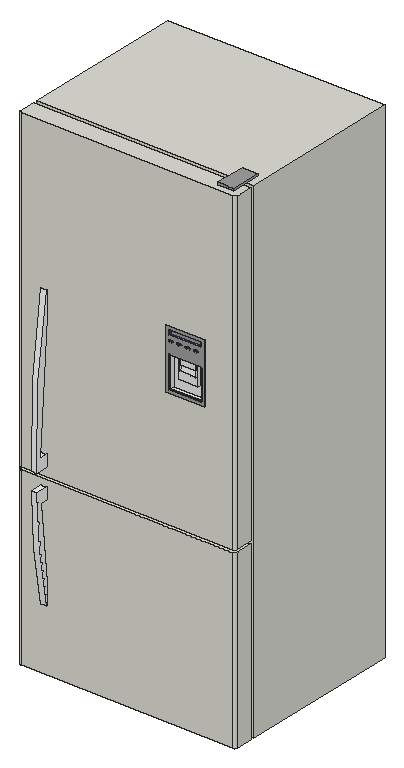
Revit family "F&P fridge 790W X 690D X 1700H", category Specialty Equipment, Revit 2012
Parameters (values of type "F & P French Door Refrigerator")
  Width O/A [instance] = 790.00 mm
  URL = "www.revitrendering.com"
  Model = "French Door Refrigerator"
  Manufacturer = "Fisher & Paykel"
  Height O/A [instance] = 1830.00 mm
  Description = ""
  Material = Metal - Paint Finish - Ivory, Matte
  Depth O/A [instance] = 680.00 mm
  Assembly Code = ""
Reference planes
  plane 1 "Center (Front/Back)": y = -33.785
  plane 2: z = 0
  plane 3 "Center (Left/Right)": x = -53.801
  plane 4: x = -448.801
  plane 5: x = 341.199
  plane 6: y = 306.215
  plane 7: y = -373.785
  plane 8: z = 1830
  plane 9 "handle": z = 1087.803
Forms (mm)
  Extrusion 1, solid, material "Metal - Paint Finish - Ivory, Matte" <- "Material"
    sketch origin (0, -373.785, 0) x (1, 0, 0) y (0, 0, 1)
      loop
        line (-448.801, 1830) -> (-448.801, 26.567) -> (341.199, 26.567) -> (341.199, 1830) -> (-448.801, 1830)
      loop
        line (-423.401, 1626.8) -> (-423.401, 431.8) -> (315.799, 431.8) -> (315.799, 1626.8) -> (-423.401, 1626.8)
    from -82.55 to -680
  Extrusion 2, solid, material "Metal - Paint Finish - Ivory, Matte"
    sketch origin (0, 306.215, 0) x (1, 0, 0) y (0, 0, 1)
      loop
        line (-423.401, 1804.6) -> (-423.401, 152.4) -> (315.799, 152.4) -> (315.799, 1804.6) -> (-423.401, 1804.6)
    from 0 to 25.4
  Extrusion 3, solid, material "Metal - Paint Finish - Ivory, Matte" <- "Material"
    sketch origin (0, -373.785, 0) x (1, 0, 0) y (0, 0, 1)
      loop
        line (-448.801, 664.9) -> (-448.801, 26.567) -> (341.199, 26.567) -> (341.199, 664.9) -> (-448.801, 664.9)
      loop
        line (-448.801, 1830) -> (-448.801, 674.816) -> (341.199, 674.816) -> (341.199, 1830) -> (-448.801, 1830)
    from -69.85 to 0
  Extrusion 4, solid, material "Metal - Chrome"
    sketch origin (0, 0, 0) x (1, 0, 0) y (0, 1, 0)
      loop
        circle (-366.251, 230.015) r 25.4
      loop
        circle (258.649, 230.015) r 25.4
      loop
        circle (-366.251, -246.785) r 25.4
      loop
        circle (258.649, -246.785) r 25.4
    from 0 to 50.8
  Extrusion 5, solid, material "Metal - Chrome"
    sketch origin (-350.376, 0, 37.601) x (0, 0, -1) y (0, -1, 0)
      loop
        line (-602.399, 373.785) -> (-559.899, 373.785) -> (-559.899, 402.84)
        arc (-559.899, 402.84) -> (-425.001, 393.278) -> (-291.176, 373.785) r 1830.851
        line (-291.176, 373.785) -> (-216.262, 373.785)
        arc (-216.262, 373.785) -> (-408.142, 406.479) -> (-602.399, 418.785) r 1845.851
        line (-602.399, 418.785) -> (-602.399, 373.785)
    from -4.125 to 15.875
  Extrusion 6, solid, material "Metal - Chrome"
    sketch origin (-372.171, 0, 682.601) x (0, 0, -1) y (0, 1, 0)
      loop
        line (-22.399, -418.785) -> (-22.399, -373.785) -> (-64.899, -373.785) -> (-64.899, -404.97)
        arc (-64.899, -404.97) -> (-291.136, -399.396) -> (-515.987, -373.785) r 2549.741
        line (-515.987, -373.785) -> (-602.399, -373.785)
        arc (-602.399, -373.785) -> (-313.679, -412.783) -> (-22.399, -418.785) r 2564.741
    from 5.919 to 25.919
  Extrusion 7, void
    sketch origin (0, -373.785, 0) x (-1, 0, 0) y (0, 0, 1)
      loop
        line (-102.326, 1313.12) -> (-218.859, 1313.12) -> (-218.859, 1116.608) -> (-102.326, 1116.608) -> (-102.326, 1313.12)
    from 0 to 75
  Extrusion 8, solid, material "ice panel"
    sketch origin (0, -373.785, 60) x (1, 0, 0) y (0, 0, 1)
      loop
        line (91.177, 1264.584) -> (91.177, 1045.716) -> (231.177, 1045.716) -> (231.177, 1264.584) -> (91.177, 1264.584)
    from -140.058 to 3.185
  Extrusion 9, void
    sketch origin (0, -376.97, 60) x (-1, 0, 0) y (0, 0, 1)
      loop
        line (-100.712, 1056.608) -> (-100.712, 1174.847) -> (-220.712, 1174.847) -> (-220.712, 1056.608) -> (-100.712, 1056.608)
    from -68.505 to 108.694
  Blend 10, void
    base sketch origin (0, -376.97, 60) x (-1, 0, 0) y (0, 0, 1)
      loop
        line (-100.712, 1234.847) -> (-100.712, 1254.847) -> (-220.712, 1254.847) -> (-220.712, 1234.847) -> (-100.712, 1234.847)
    top sketch origin (0, -376.97, 60) x (-1, 0, 0) y (0, 0, 1)
      loop
        line (-102.326, 1253.12) -> (-218.859, 1253.12) -> (-218.859, 1236.323) -> (-102.326, 1236.323) -> (-102.326, 1253.12)
    from 0 to 10
  Extrusion 11, void
    sketch origin (0, -376.97, 60) x (-1, 0, 0) y (0, 0, 1)
      loop
        spline (-101.277, 1218.525) -> (-101.624, 1219.444) -> (-102.644, 1220.299) -> (-104.265, 1221.034) -> (-106.377, 1221.598) -> (-108.838, 1221.953) -> (-111.478, 1222.074) -> (-114.118, 1221.953) -> (-116.579, 1221.598) -> (-118.692, 1221.034) -> (-120.313, 1220.299) -> (-121.332, 1219.444) -> (-121.68, 1218.525)
        spline (-121.68, 1218.525) -> (-121.332, 1217.607) -> (-120.313, 1216.751) -> (-118.692, 1216.016) -> (-116.579, 1215.452) -> (-114.118, 1215.098) -> (-111.478, 1214.977) -> (-108.838, 1215.098) -> (-106.377, 1215.452) -> (-104.265, 1216.016) -> (-102.644, 1216.751) -> (-101.624, 1217.607) -> (-101.277, 1218.525)
      loop
        spline (-131.277, 1218.525) -> (-131.624, 1219.444) -> (-132.644, 1220.299) -> (-134.265, 1221.034) -> (-136.377, 1221.598) -> (-138.838, 1221.953) -> (-141.478, 1222.074) -> (-144.118, 1221.953) -> (-146.579, 1221.598) -> (-148.692, 1221.034) -> (-150.313, 1220.299) -> (-151.332, 1219.444) -> (-151.68, 1218.525)
        spline (-151.68, 1218.525) -> (-151.332, 1217.607) -> (-150.313, 1216.751) -> (-148.692, 1216.016) -> (-146.579, 1215.452) -> (-144.118, 1215.098) -> (-141.478, 1214.977) -> (-138.838, 1215.098) -> (-136.377, 1215.452) -> (-134.265, 1216.016) -> (-132.644, 1216.751) -> (-131.624, 1217.607) -> (-131.277, 1218.525)
      loop
        spline (-161.277, 1218.525) -> (-161.624, 1219.444) -> (-162.644, 1220.299) -> (-164.265, 1221.034) -> (-166.377, 1221.598) -> (-168.838, 1221.953) -> (-171.478, 1222.074) -> (-174.118, 1221.953) -> (-176.579, 1221.598) -> (-178.692, 1221.034) -> (-180.313, 1220.299) -> (-181.332, 1219.444) -> (-181.68, 1218.525)
        spline (-181.68, 1218.525) -> (-181.332, 1217.607) -> (-180.313, 1216.751) -> (-178.692, 1216.016) -> (-176.579, 1215.452) -> (-174.118, 1215.098) -> (-171.478, 1214.977) -> (-168.838, 1215.098) -> (-166.377, 1215.452) -> (-164.265, 1216.016) -> (-162.644, 1216.751) -> (-161.624, 1217.607) -> (-161.277, 1218.525)
      loop
        spline (-191.277, 1218.525) -> (-191.624, 1219.444) -> (-192.644, 1220.299) -> (-194.265, 1221.034) -> (-196.377, 1221.598) -> (-198.838, 1221.953) -> (-201.478, 1222.074) -> (-204.118, 1221.953) -> (-206.579, 1221.598) -> (-208.692, 1221.034) -> (-210.313, 1220.299) -> (-211.332, 1219.444) -> (-211.68, 1218.525)
        spline (-211.68, 1218.525) -> (-211.332, 1217.607) -> (-210.313, 1216.751) -> (-208.692, 1216.016) -> (-206.579, 1215.452) -> (-204.118, 1215.098) -> (-201.478, 1214.977) -> (-198.838, 1215.098) -> (-196.377, 1215.452) -> (-194.265, 1216.016) -> (-192.644, 1216.751) -> (-191.624, 1217.607) -> (-191.277, 1218.525)
    from 0 to 5.55
  Extrusion 12, solid, material "led buttons blue"
    sketch origin (0, -376.97, 60) x (1, 0, 0) y (0, 0, 1)
      loop
        spline (101.468, 1218.511) -> (101.761, 1217.755) -> (102.711, 1216.961) -> (104.293, 1216.245) -> (106.385, 1215.687) -> (108.835, 1215.335) -> (111.468, 1215.213) -> (114.101, 1215.335) -> (116.552, 1215.687) -> (118.644, 1216.245) -> (120.225, 1216.961) -> (121.176, 1217.755) -> (121.468, 1218.511)
        spline (121.468, 1218.511) -> (121.176, 1219.268) -> (120.225, 1220.062) -> (118.644, 1220.778) -> (116.552, 1221.336) -> (114.101, 1221.688) -> (111.468, 1221.81) -> (108.835, 1221.688) -> (106.385, 1221.336) -> (104.293, 1220.778) -> (102.711, 1220.062) -> (101.761, 1219.268) -> (101.468, 1218.511)
      loop
        spline (131.468, 1218.511) -> (131.761, 1217.755) -> (132.711, 1216.961) -> (134.293, 1216.245) -> (136.385, 1215.687) -> (138.835, 1215.335) -> (141.468, 1215.213) -> (144.101, 1215.335) -> (146.552, 1215.687) -> (148.644, 1216.245) -> (150.225, 1216.961) -> (151.176, 1217.755) -> (151.468, 1218.511)
        spline (151.468, 1218.511) -> (151.176, 1219.268) -> (150.225, 1220.062) -> (148.644, 1220.778) -> (146.552, 1221.336) -> (144.101, 1221.688) -> (141.468, 1221.81) -> (138.835, 1221.688) -> (136.385, 1221.336) -> (134.293, 1220.778) -> (132.711, 1220.062) -> (131.761, 1219.268) -> (131.468, 1218.511)
      loop
        spline (161.468, 1218.511) -> (161.761, 1217.755) -> (162.711, 1216.961) -> (164.293, 1216.245) -> (166.385, 1215.687) -> (168.835, 1215.335) -> (171.468, 1215.213) -> (174.101, 1215.335) -> (176.552, 1215.687) -> (178.644, 1216.245) -> (180.225, 1216.961) -> (181.176, 1217.755) -> (181.468, 1218.511)
        spline (181.468, 1218.511) -> (181.176, 1219.268) -> (180.225, 1220.062) -> (178.644, 1220.778) -> (176.552, 1221.336) -> (174.101, 1221.688) -> (171.468, 1221.81) -> (168.835, 1221.688) -> (166.385, 1221.336) -> (164.293, 1220.778) -> (162.711, 1220.062) -> (161.761, 1219.268) -> (161.468, 1218.511)
      loop
        spline (191.468, 1218.511) -> (191.761, 1217.755) -> (192.711, 1216.961) -> (194.293, 1216.245) -> (196.385, 1215.687) -> (198.835, 1215.335) -> (201.468, 1215.213) -> (204.101, 1215.335) -> (206.552, 1215.687) -> (208.644, 1216.245) -> (210.225, 1216.961) -> (211.176, 1217.755) -> (211.468, 1218.511)
        spline (211.468, 1218.511) -> (211.176, 1219.268) -> (210.225, 1220.062) -> (208.644, 1220.778) -> (206.552, 1221.336) -> (204.101, 1221.688) -> (201.468, 1221.81) -> (198.835, 1221.688) -> (196.385, 1221.336) -> (194.293, 1220.778) -> (192.711, 1220.062) -> (191.761, 1219.268) -> (191.468, 1218.511)
    from -4.019 to 0.291
  Extrusion 13, solid, material "white plastic"
    sketch origin (0, -376.97, 60) x (1, 0, 0) y (0, 0, 1)
      loop
        line (100.712, 1174.847) -> (100.712, 1056.608) -> (220.712, 1056.608) -> (220.712, 1174.847) -> (100.712, 1174.847)
    from -152.596 to -3.185
  Extrusion 14, void
    sketch origin (0, -376.97, 60) x (-1, 0, 0) y (0, 0, 1)
      loop
        line (-102.712, 1058.608) -> (-102.712, 1172.847) -> (-218.712, 1172.847) -> (-218.712, 1058.608) -> (-102.712, 1058.608)
    from 21.255 to -36.882
  Extrusion 15, solid, material "led buttons blue"
    sketch origin (0, -376.97, 60) x (1, 0, 0) y (0, 0, 1)
      loop
        line (102.326, 1236.323) -> (218.859, 1236.323) -> (218.859, 1253.12) -> (102.326, 1253.12) -> (102.326, 1236.323)
    from -19.081 to 0
  Blend 16, void
    base sketch origin (0, -373.785, 60) x (-1, 0, 0) y (0, 0, 1)
      loop
        line (-100.712, 1174.847) -> (-220.712, 1174.847) -> (-220.712, 1056.608) -> (-100.712, 1056.608) -> (-100.712, 1174.847)
    top sketch origin (0, -373.785, 60) x (-1, 0, 0) y (0, 0, 1)
      loop
        line (-102.712, 1172.847) -> (-218.712, 1172.847) -> (-218.712, 1058.608) -> (-102.712, 1058.608) -> (-102.712, 1172.847)
    from 0 to 3
  Extrusion 17, void
    sketch origin (341.199, -373.785, 1830) x (-1, 0, 0) y (0, 1, 0)
      loop
        arc (790, 10) -> (787.071, 2.929) -> (780, 0) r 10
        line (780, 0) -> (790, 0) -> (790, 10)
      loop
        line (0, 10) -> (0, 0) -> (10, 0)
        arc (10, 0) -> (2.929, 2.929) -> (0, 10) r 10
    from 0 to 2000
  Extrusion 18, solid, material "fridge capping"
    sketch origin (1023.249, -373.785, 1830) x (0, 1, 0) y (-1, 0, 0)
      loop
        line (24.838, 764.6) -> (24.838, 707.45) -> (135.509, 707.45) -> (135.509, 764.6) -> (24.838, 764.6)
    from 0 to 7.392
  Extrusion 19, solid, material "white plastic"
    sketch origin (3.75, -355.715, 60) x (1, 0, 0) y (0, 0, 1)
      loop
        line (122.712, 1172.847) -> (122.712, 1094.608) -> (192.712, 1094.608) -> (192.712, 1172.847) -> (122.712, 1172.847)
    from 0 to 8.07
  Blend 20, void
    base sketch origin (3.75, -363.785, 60) x (-1, 0, 0) y (0, 0, 1)
      loop
        line (-127.673, 1165.309) -> (-186.404, 1165.309) -> (-186.404, 1122.07) -> (-127.673, 1122.07) -> (-127.673, 1165.309)
    top sketch origin (3.75, -363.785, 60) x (-1, 0, 0) y (0, 0, 1)
      loop
        line (-129.736, 1163.246) -> (-184.342, 1163.246) -> (-184.342, 1142.371) -> (-129.736, 1142.371) -> (-129.736, 1163.246)
    from 0 to 4.631
  Extrusion 21, solid, material "white plastic"
    sketch origin (3.75, -359.154, 60) x (1, 0, 0) y (0, 0, 1)
      loop
        line (129.736, 1163.246) -> (129.736, 1142.371) -> (184.342, 1142.371) -> (184.342, 1163.246) -> (129.736, 1163.246)
    from 0 to 3.905
Cuts and joins
  Extrusion 7, Extrusion 9, Blend 10, Extrusion 11, Extrusion 14, Blend 16, Extrusion 17, Blend 20 cuts Extrusion 3
  Extrusion 9, Blend 10, Extrusion 11, Extrusion 14, Blend 16, Blend 20 cuts Extrusion 8
  Extrusion 14, Blend 16, Blend 20 cuts Extrusion 13
  Blend 20 cuts Extrusion 19
Lines and regions (mm)
  Masking region 1
    outline origin (0, 0, 0) x (1, 0, 0) y (0, 1, 0)
      loop
        line (-448.801, 306.215) -> (-448.801, -373.785) -> (341.199, -373.785) -> (341.199, 306.215) -> (-448.801, 306.215)
  symbolic lines, style "SpecialityEquipment"
    curve 1: line (-448.801, 306.215, 0) -> (341.199, 306.215, 0)
    curve 2: line (-448.801, -297.585, 0) -> (-448.801, 306.215, 0)
    curve 4: line (341.199, 306.215, 0) -> (341.199, -297.585, 0)
    curve 7: line (341.199, -297.585, 0) -> (-448.801, -297.585, 0)
    curve 9: line (-448.801, -373.785, 0) -> (341.199, -373.785, 0)
    curve 10: line (-448.801, -300.76, 0) -> (-448.801, -373.785, 0)
    curve 11: line (341.199, -300.76, 0) -> (-448.801, -300.76, 0)
    curve 12: line (341.199, -373.785, 0) -> (341.199, -300.76, 0)
  symbolic lines
    curve 3: line (341.199, -297.585, 0) -> (-448.801, -297.585, 0)
    curve 5: line (-448.801, -373.785, 0) -> (341.199, -373.785, 0)
    curve 6: line (-448.801, -297.585, 0) -> (-448.801, -373.785, 0)
    curve 8: line (341.199, -373.785, 0) -> (341.199, -297.585, 0)
Dimensions and locks
  equal spacing: plane 4, plane 3 "Center (Left/Right)", plane 5
  "Width O/A": plane 4 to plane 5
  equal spacing: plane 7, plane 1 "Center (Front/Back)", plane 6
  "Depth O/A": plane 7 to plane 6
  "Height O/A": plane 8 to plane 2
  cut or joined group of Extrusion 13, Extrusion 14, Blend 16, Blend 20 to cut or joined group of Extrusion 8, Extrusion 9, Blend 10, Extrusion 11, Extrusion 14, Blend 16, Blend 20 = 21.255 mm
  aligned and locked: Extrusion 1 to plane 6
  aligned and locked: Masking region 1 sketch curve to plane 4
  aligned and locked: plane 6 to Masking region 1 sketch curve
  aligned and locked: plane 5 to Masking region 1 sketch curve
  aligned and locked: Masking region 1 sketch curve to plane 7
  aligned and locked: plane 5 to Extrusion 17 sketch curve
  aligned and locked: Extrusion 18 to Extrusion 1
Automatic sketch dimensions
  curve 1 to plane 4 = 0.00 mm
  curve 11 to plane 4 = 0.00 mm
  curve 8 to plane 5 = 0.00 mm
  curve 9 to plane 5 = 0.00 mm
  curve 4 to plane 6 = 0.00 mm
  curve 5 to curve 12 = 73.025 mm
  curve 10 to curve 6 = 3.175 mm
  Extrusion 1 sketch curve to plane 4 = 0.00 mm
  Extrusion 1 sketch curve to plane 5 = 0.00 mm
  Extrusion 1 sketch curve to plane 8 = 0.00 mm
  Extrusion 1 sketch curve to plane 4 = 25.40 mm
  plane 5 to Extrusion 1 sketch curve = 25.40 mm
  plane 8 to Extrusion 1 sketch curve = 203.20 mm
  level to Extrusion 1 sketch curve = 431.80 mm
  level to Extrusion 1 sketch curve = 26.567 mm
  Extrusion 2 sketch curve to plane 4 = 25.40 mm
  plane 5 to Extrusion 2 sketch curve = 25.40 mm
  level to Extrusion 2 sketch curve = 152.40 mm
  plane 8 to Extrusion 2 sketch curve = 25.40 mm
  Extrusion 3 sketch curve to plane 4 = 0.00 mm  (x2)
  Extrusion 3 sketch curve to plane 8 = 0.00 mm
  Extrusion 3 sketch curve to plane 5 = 0.00 mm
  Extrusion 3 sketch curve to plane 9 "handle" = 412.987 mm
  Extrusion 3 sketch curve to Extrusion 3 sketch curve = 9.916 mm
  level to Extrusion 3 sketch curve = 26.567 mm
  Extrusion 4 sketch curve to Extrusion 4 sketch curve = 0.00 mm  (x8)
  Extrusion 4 sketch curve to plane 4 = 57.15 mm  (x2)
  Extrusion 4 sketch curve to Extrusion 4 sketch curve = 25.40 mm  (x4)
  plane 5 to Extrusion 4 sketch curve = 107.95 mm  (x2)
  Extrusion 4 sketch curve to plane 7 = 127.00 mm  (x2)
  plane 6 to Extrusion 4 sketch curve = 76.20 mm  (x2)
  Extrusion 3 to Extrusion 7 sketch curve = 122.34 mm
  Extrusion 7 sketch curve to Extrusion 7 sketch curve = 116.533 mm
  Extrusion 3 to Extrusion 7 sketch curve = 441.792 mm
  Extrusion 7 sketch curve to Extrusion 7 sketch curve = 196.512 mm
  Extrusion 8 sketch curve to Extrusion 3 = 110.022 mm
  Extrusion 8 sketch curve to Extrusion 3 = 430.90 mm
  Extrusion 8 sketch curve to Extrusion 8 sketch curve = 218.869 mm
  Extrusion 8 to Extrusion 9 sketch curve = 10.464 mm
  Extrusion 8 to Extrusion 9 sketch curve = 9.536 mm
  Extrusion 8 to Extrusion 9 sketch curve = 10.892 mm
  Extrusion 8 to Extrusion 9 sketch curve = 89.738 mm
  Extrusion 8 to Blend 10 sketch curve = 10.464 mm
  Extrusion 8 to Blend 10 sketch curve = 9.536 mm
  Extrusion 8 to Blend 10 sketch curve = 29.738 mm
  Extrusion 8 to Blend 10 sketch curve = 9.738 mm
  Extrusion 8 to Blend 10 sketch curve = 12.317 mm
  Extrusion 8 to Blend 10 sketch curve = 11.149 mm
  Extrusion 8 to Blend 10 sketch curve = 28.261 mm
  Extrusion 8 to Blend 10 sketch curve = 11.465 mm
  Extrusion 8 to Extrusion 11 sketch curve = 29.698 mm
  Extrusion 11 sketch curve to Extrusion 11 sketch curve = 10.201 mm  (x3)
  Extrusion 11 sketch curve to Extrusion 11 sketch curve = 19.799 mm  (x3)
  Extrusion 8 to Extrusion 11 sketch curve = 10.10 mm
  Extrusion 8 to Extrusion 11 sketch curve = 46.059 mm
  Extrusion 11 sketch curve to Extrusion 11 sketch curve = 0.00 mm  (x3)
  Extrusion 12 sketch curve to Extrusion 8 = 10.292 mm
  Extrusion 12 sketch curve to Extrusion 12 sketch curve = 20.00 mm  (x3)
  Extrusion 12 sketch curve to Extrusion 12 sketch curve = 10.00 mm  (x3)
  Extrusion 12 sketch curve to Extrusion 8 = 19.708 mm
  Extrusion 12 sketch curve to Extrusion 8 = 46.073 mm
  Extrusion 12 sketch curve to Extrusion 12 sketch curve = 0.00 mm  (x3)
  Extrusion 13 sketch curve to Extrusion 8 = 9.536 mm
  Extrusion 13 sketch curve to Extrusion 8 = 10.464 mm
  Extrusion 13 sketch curve to Extrusion 8 = 10.892 mm
  Extrusion 13 sketch curve to Extrusion 8 = 89.738 mm
  Extrusion 8 to Extrusion 14 sketch curve = 12.464 mm
  Extrusion 8 to Extrusion 14 sketch curve = 11.536 mm
  Extrusion 8 to Extrusion 14 sketch curve = 12.892 mm
  Extrusion 8 to Extrusion 14 sketch curve = 91.738 mm
  Extrusion 15 sketch curve to Extrusion 8 = 11.149 mm
  Extrusion 15 sketch curve to Extrusion 8 = 12.317 mm
  Extrusion 15 sketch curve to Extrusion 8 = 28.261 mm
  Extrusion 15 sketch curve to Extrusion 8 = 11.465 mm
  Blend 16 sketch curve to Extrusion 13 = 0.00 mm  (x4)
  Extrusion 13 to Blend 16 sketch curve = 2.00 mm  (x4)
  Extrusion 3 to Extrusion 18 sketch curve = 24.838 mm
  Extrusion 3 to Extrusion 18 sketch curve = 707.45 mm
  Extrusion 18 sketch curve to Extrusion 3 = 65.659 mm
  Extrusion 18 sketch curve to Extrusion 18 sketch curve = 57.15 mm
  Extrusion 19 sketch curve to Extrusion 14 = 0.00 mm
  Extrusion 19 sketch curve to Extrusion 14 = 23.75 mm
  Extrusion 19 sketch curve to Extrusion 14 = 22.25 mm
  Extrusion 19 sketch curve to Extrusion 14 = 36.00 mm
  Extrusion 19 to Blend 20 sketch curve = 6.308 mm
  Extrusion 19 to Blend 20 sketch curve = 4.961 mm
  Extrusion 19 to Blend 20 sketch curve = 27.462 mm
  Extrusion 19 to Blend 20 sketch curve = 7.538 mm
  Extrusion 19 to Blend 20 sketch curve = 8.37 mm
  Extrusion 19 to Blend 20 sketch curve = 7.024 mm
  Extrusion 19 to Blend 20 sketch curve = 30.475 mm
  Extrusion 19 to Blend 20 sketch curve = 9.60 mm
  Extrusion 21 sketch curve to Blend 20 = 0.00 mm  (x4)
  plane 7 to curve 8 = 0.00 mm
  plane 7 to curve 10 = 0.00 mm
  plane 5 to Extrusion 3 sketch curve = 0.00 mm
  Extrusion 8 sketch curve to Extrusion 8 sketch curve = 140.00 mm
  Extrusion 5 sketch curve to plane 7 = 0.00 mm  (x2)
  Extrusion 5 sketch curve to plane 9 "handle" = 428.392 mm
  plane 7 to Extrusion 5 sketch curve = 45.00 mm
  Extrusion 5 sketch curve to Extrusion 5 sketch curve = 74.914 mm
  Extrusion 5 sketch curve to Extrusion 5 sketch curve = 268.723 mm
  plane 7 to Extrusion 5 sketch curve = 29.055 mm
  Extrusion 5 sketch curve to Extrusion 5 sketch curve = 0.00 mm  (x2)
  Extrusion 5 sketch curve to Extrusion 5 sketch curve = 42.50 mm
  Extrusion 6 sketch curve to Extrusion 6 sketch curve = 0.00 mm  (x2)
  Extrusion 6 sketch curve to plane 7 = 0.00 mm  (x2)
  plane 9 "handle" to Extrusion 6 sketch curve = 197.197 mm
  Extrusion 6 sketch curve to Extrusion 6 sketch curve = 86.411 mm
  Extrusion 6 sketch curve to plane 9 "handle" = 289.915 mm
  plane 7 to Extrusion 6 sketch curve = 31.185 mm
  Extrusion 6 sketch curve to plane 9 "handle" = 340.303 mm
  Extrusion 6 sketch curve to Extrusion 6 sketch curve = 42.50 mm
  Extrusion 17 sketch curve to Extrusion 3 = 0.00 mm  (x3)
  Extrusion 3 to Extrusion 17 sketch curve = 10.00 mm  (x2)
